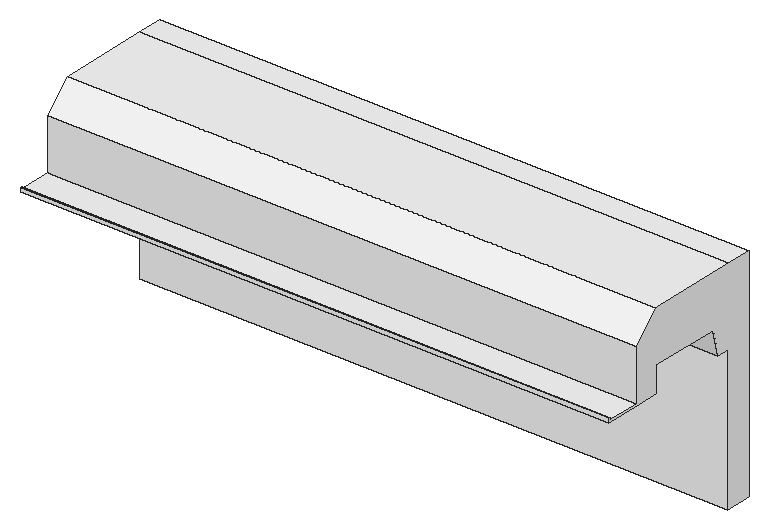
Revit family "WS2000L", category Lighting Fixtures, host Face, Revit 2021
Family settings
  Host = Face
  Round Connector Dimension = Use Diameter
  Part Type = Normal
  OmniClass Number = 23.80.70.11.14.17
  OmniClass Title = Direct/Indirect
  Cut with Voids When Loaded = No
  Light Source = Yes
  Shared = Yes
  Room Calculation Point = No
Parameters (values of type "20L-03")
  zz Length 2 = 36"
  Watts = 9 W
  Wattage Comments = "3.5W to 12.6"  # constant formula
  Wattage = 9 W
  Warranty = "Five year warranty"  # constant formula
  built-in parameter 1150110 = 1 (stored number, unit not read)
  Voltage = 120 V
  URL = "https://www.currentlighting.com/litecontrol"
  Type Comments = "Lighting Fixture"  # constant formula
  built-in parameter 1114217 = 1 (stored number, unit not read)
  Tilt Angle = 90.00°
  built-in parameter 1150109 = 1 (stored number, unit not read)
  built-in parameter 1150134 = (empty or 0)
  built-in parameter 1150113 = 1 (stored number, unit not read)
  Product Page URL = ""
  Product Documentation Link = ""
  Power Factor = 1
  Photometric Web File = "20L-Cx-35K-D060-04.ies"
  Photometric Notes = "More IES files download in Photometric Web Link"  # constant formula
  Model = "2000LED"  # constant formula
  Manufacturer = "Litecontrol"  # constant formula
  built-in parameter 1150105 = 47.985 (stored number, unit not read)
  Lumens = 603 lm
  built-in parameter 1150115 = 1 (stored number, unit not read)
  Load Classification = Lighting
  built-in parameter 1150137 = (empty or 0)
  built-in parameter 1150139 = (empty or 0)
  built-in parameter 1150112 = 1 (stored number, unit not read)
  built-in parameter 1150114 = 1 (stored number, unit not read)
  Lamp = "LED"  # constant formula
  Glass = White Glass
  built-in parameter 1150132 = (empty or 0)
  built-in parameter 1150102 = (empty or 0)
  built-in parameter 1150107 = 3500 (stored number, unit not read)
  built-in parameter 1150138 = (empty or 0)
  built-in parameter 1150106 = 0.47985 (stored number, unit not read)
  Emit from Rectangle Width = zz Length 2 - 2"  # 34"
  Emit from Rectangle Length = 3"  # constant formula
  Copyright = "Copyright ©  Columbia Lighting"  # constant formula
  Mounting Type = "Perimeter"  # constant formula
  Emit Shape Visible in Rendering = no
  built-in parameter 1150104 = 6.2245 (stored number, unit not read)
  Dimming Lamp Color Temperature Shift = Incandescent Lamp Curve
  Description = "Wall/Slot® 2000 LED"  # constant formula
  Default Elevation = 48"
  Finish = Arctic White
  Color Filter = 16777215
  built-in parameter 1114218 = 1 (stored number, unit not read)
  built-in parameter 1150133 = 10 (stored number, unit not read)
  Assembly Code = "D5020200"
  Apparent Load = Watts / Power Factor  # 9 VA
Types (6): name | zz Length 2 | Emit from Rectangle Width
  (no name) | 36" | 34"
  20L-04 | 48" | 46"
  20L-02 | 24" | 22"
  20L-03 | 36" | 34"
  20L-06 | 72" | 70"
  20L-08 | 96" | 94"
Reference planes (in)
  plane 1 "Center (Front/Back)": y = 6.16697
  plane 2: z = 0
  plane 3 "Center (Left/Right)": x = 0
  plane 4: z = 0
Lines and regions (in)
  reference lines
    curve 1: line (0, 14.66697, -3.25) -> (0, 17.66697, -0.25)
    curve 2: line (0, -2.33303, -3.25) -> (0, 14.66697, -3.25)
    curve 3: line (0, -5.33303, -0.25) -> (0, -2.33303, -3.25)
    curve 4: line (0, 14.66697, -3.25) -> (0, 17.66697, -0.25)
    curve 5: line (0, -5.33303, -0.25) -> (0, 17.66697, -0.25)
    curve 6: line (0, 17.41697, -0.77432) -> (0, 18.16697, -0.77432)
    curve 7: line (0, 17.41697, -1.52432) -> (0, 17.41697, -0.77432)
    curve 8: line (0, 16.93705, -1.52432) -> (0, 17.41697, -1.52432)
    curve 9: line (0, 15.16697, -4.25) -> (0, 16.93705, -1.52432)
    curve 10: line (0, -4.60311, -1.52432) -> (0, -2.83303, -4.25)
    curve 11: line (0, -5.08303, -1.52432) -> (0, -4.60311, -1.52432)
    curve 12: line (0, -5.08303, -0.77432) -> (0, -5.08303, -1.52432)
    curve 13: line (0, -5.83303, -0.77432) -> (0, -5.08303, -0.77432)
Dimensions and locks (in)
  aligned and locked: plane 2 to host face
  aligned and locked: level to host face
  aligned and locked: nested 1 to plane 4
  aligned and locked: plane 3 "Center (Left/Right)" to nested 1
  aligned and locked: imposter light to nested 1
Nested families (in)
  nested 1: "20L Light" at (-0.01104, 6.16697, 6.71001) x (1, 0, 0) z (0, -1, 0), Glass <- "Glass", Backbox <- "Finish", Length <- "zz Length 2", type "20L Light"
    with Length 36", Glass White Glass, Backbox Arctic White
Connectors (in)
  electrical at (0, 6.16697, 6.75), driven by "Load Classification", driven by "Voltage", driven by "Apparent Load", driven by "Power Factor"
    settings: on nested 1, index 1, voltage 120 V, apparent load 9 VA, apparent load phase1 0 VA, apparent load phase2 0 VA, apparent load phase3 0 VA, power factor 1, load classification "Lighting", number of poles 1, system type 30, power factor state 1, is connector primary yes, connector utility no, sub classification motor no, connector description "Electrical Connector"
Definition of nested family "20L Light"
  Parameters
    Wattage Comments = ""
    URL = ""
    Product Page URL = ""
    Product Documentation Link = ""
    Model = ""
    Manufacturer = ""
    Length [instance] = 96"
    Lamp = ""
    Glass [instance] = none
    Description = ""
    Default Elevation = 48"
    Backbox [instance] = none
    Apparent Load = 0 VA
  Reference planes (in)
    plane 1 "Center (Front/Back)": y = 0.03999
    plane 2: z = 0
    plane 3 "Center (Left/Right)": x = 0.01104
    plane 4: x = 48.01104
    plane 5: x = -47.98896
    plane 6: x = -48.48896
    plane 7: x = 48.51104
    plane 8: y = -6.71001
    plane 9: y = 6.78999
    plane 10: y = 2.03999
    plane 11: y = 5.28999
    plane 12: x = 47.51104
    plane 13: x = -47.48896
    plane 14: z = 1.56357
    plane 15: z = 10.56357
  Forms (in)
    Extrusion 1, solid
      sketch origin (0, 0, 0.06357) x (1, 0, 0) y (0, 1, 0)
        loop
          line (-48, 48) -> (-48, -48) -> (48, -48) -> (48, 48) -> (-48, 48)
      from -0.06357 to -12
    Extrusion 2, solid, material <- "Backbox"
      sketch origin (0.01104, -6, 10.5) x (0, 1, 0) y (0, 0, 1)
        loop
          line (-0.71001, -10.5) -> (12.78999, -10.5) -> (12.78999, -9) -> (12.78999, -3.43643) -> (11.28999, -1.93643) -> (8.16499, -1.93643) -> (8.16499, 0.06357) -> (8.28999, 0.06357) -> (8.28999, 0.16357) -> (8.03999, 0.16357) -> (8.03999, -1.93643) -> (8.03999, -3.43643) -> (9.61814, -3.43643) -> (9.61814, -7.76357) -> (8.03999, -8.18643) -> (8.03999, -8.93643) -> (-0.71001, -8.93643) -> (-0.71001, -10.5)
      from -48 to 48
    Extrusion 3, void
      sketch origin (0.01104, 3.61814, 9.06357) x (0, 0, 1) y (1, 0, 0)
        loop
          line (-6.32714, -47.5) -> (-2, -47.5) -> (-2, 47.5) -> (-6.32714, 47.5) -> (-6.32714, -47.5)
      from 0 to 1.25
    Extrusion 4, solid, material <- "Glass"
      sketch origin (0.01104, 3.61814, 9.06357) x (0, 0, -1) y (1, 0, 0)
        loop
          line (6.32714, -47.5) -> (6.32714, 47.5) -> (2, 47.5) -> (2, -47.5) -> (6.32714, -47.5)
      from 0 to -0.25
  Cuts and joins
    Extrusion 3 cuts Extrusion 2
  Dimensions and locks (in)
    "Length": plane 5 to plane 4
    equal spacing: plane 5, plane 3 "Center (Left/Right)", plane 4
    locked: plane 6 to plane 5 at 0.5
    locked: plane 7 to plane 4 at 0.5
    equal spacing: plane 9, plane 1 "Center (Front/Back)", plane 8
    locked: plane 5 to plane 13 at 0.5
    locked: plane 4 to plane 12 at 0.5
    plane 14 to plane 2 = 1.56357"
    locked: plane 15 to plane 14 at 9
    locked: plane 9 to plane 8 at 13.5
    aligned and locked: plane 2 to Extrusion 1
    aligned and locked: plane 4 to Extrusion 2
    aligned and locked: cut or joined group of Extrusion 2, Extrusion 3 to plane 5
    aligned and locked: Extrusion 2 sketch curve to plane 9
    aligned and locked: plane 9 to Extrusion 2 sketch curve
    aligned and locked: Extrusion 3 sketch curve to plane 13
    aligned and locked: plane 12 to Extrusion 3 sketch curve
    aligned and locked: cut or joined group of Extrusion 2, Extrusion 3 to Extrusion 3 sketch curve
    aligned and locked: Extrusion 4 sketch curve to cut or joined group of Extrusion 2, Extrusion 3  (x2)
    aligned and locked: cut or joined group of Extrusion 2, Extrusion 3 to Extrusion 4 sketch curve
    aligned and locked: plane 14 to cut or joined group of Extrusion 2, Extrusion 3
    aligned and locked: cut or joined group of Extrusion 2, Extrusion 3 to plane 15
  Automatic sketch dimensions
    Extrusion 1 sketch curve to Extrusion 1 sketch curve = 96"  (x2)
    Extrusion 2 sketch curve to plane 8 = 0"
    Extrusion 2 sketch curve to plane 10 = 0"  (x2)
    level to Extrusion 2 sketch curve = 10.56357"
    Extrusion 2 sketch curve to plane 11 = 0"
    Extrusion 2 sketch curve to plane 10 = 1/8"
    Extrusion 2 sketch curve to Extrusion 2 sketch curve = 1/8"
    Extrusion 2 sketch curve to plane 10 = 1.57815"
    Extrusion 2 sketch curve to Extrusion 2 sketch curve = 3/4"
    Extrusion 2 sketch curve to Extrusion 2 sketch curve = 0.1"
    Extrusion 3 sketch curve to Extrusion 2 = 0"
    Extrusion 2 to Extrusion 4 sketch curve = 1/2"
    Extrusion 2 sketch curve to Extrusion 2 sketch curve = 0.42286"
    Extrusion 2 sketch curve to level = 0"
    Extrusion 2 sketch curve to Extrusion 2 sketch curve = 0"
    level to Extrusion 2 sketch curve = 1.56357"
    level to Extrusion 2 sketch curve = 1 1/2"
    Extrusion 2 sketch curve to Extrusion 2 sketch curve = 1 1/2"  (x2)
    Extrusion 2 sketch curve to Extrusion 2 sketch curve = 3 1/2"
